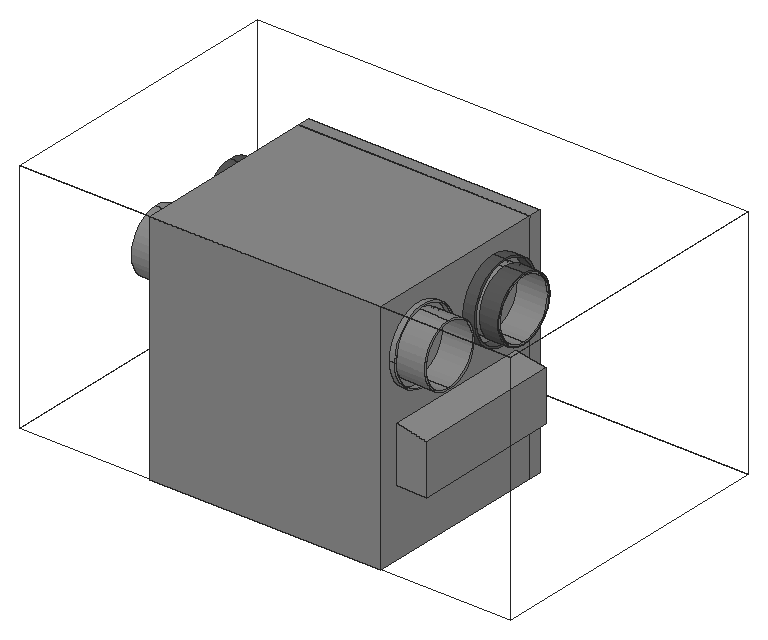
Revit family "Broan®_AI_Series™-Heat_Recovery_Ventilator_(HRV)-Side_Port", category Mechanical Equipment, Revit 2019
Family settings
  Round Connector Dimension = Use Diameter
  Classification = None
  Part Type = Normal
  Work Plane-Based = Yes
  Always vertical = No
  Cut with Voids When Loaded = No
  Shared = No
  Room Calculation Point = No
Parameters (values of type "Broan®_AI_Series™-110_CFM-Heat_Recovery_Ventilator_(HRV)-Side_Port-65%_eff")
  c Vent Height = (Width - c Width) / 2  # 2.515"
  c Top Clearance = 0.00"  # constant formula
  c Right Clrearence = c Left Clearance  # 8.00"
  c Offset vent side = (Length - 1.00") / 4  # 3.785"
  c MC width = Length - 4.00"  # 12.14"
  c Left Clearance = if(c Constraints > 3, 9.00", 8.00")  # 8.00"
  c Gen Diameter = if(c Constraints > 3, 6.00", 5.00")  # 5.00"
  c Front Clearance = 8.00"  # constant formula
  c Constraints = 1
  c Back Clearance = 0.00"  # constant formula
  Width = 23.78"  # constant formula
  Voltage = 120 V
  Version = ""
  URL = "https://www.broan-nutone.com/"
  Support Phone = "(224) 699-9545"  # constant formula
  Support Email = "mailto:support@anguleris.com"
  Supply Air Connection Diameter = c Gen Diameter  # 5"
  Return Air Connection Diameter = c Gen Diameter  # 5"
  Requirements and Standards = "UL 1812\r\nCSA F326\r\nCSA C439\r\nProp 65"
  Product Page URL = "https://www.broan-nutone.com/en-us/product/freshairsystems/b110h65rs"
  Product Name = "Broan® AI Series™ 110 CFM Heat Recovery Ventilator (HRV)"
  Product Documentation Link = "https://www.broan-nutone.com/getmedia/1c04f086-0de4-4a5a-b63e-71b407a4ad9e/Spec-Sheet-B110H65.pdf?ext=.pdf"
  Power Factor = 0
  Phase = 1
  Operating Weight = 35.00 lbf  # constant formula
  Number of Poles = 1
  Noise = 66.8
  Model = "B110H65RS"
  Manufacturer Phone Number = "800-558-1711"  # constant formula
  Manufacturer Contact Information = "mailto:info@broan-nutone.com"
  Manufacturer Address = "\"926 W State St, Hartford, WI 53027\""
  Manufacturer = "Broan"  # constant formula
  Length = 16.14"  # constant formula
  Height = 19.12"  # constant formula
  Frequency = 60 Hz
  Fan Wattage = 90 W
  Exhaust Air Connection Diameter = c Gen Diameter  # 5"
  Default Elevation = 0.00"
  Copyright = "\"Copyright © 2021 Broan-NuTone, LLC. All Rights Reserved\""
  c Width = 18.75"
  Clearance [instance] = yes
  Air Volume = if(c Constraints = 1, 110 CFM, (if(c Constraints = 2, 130 CFM, (if(c Constraints = 3, 150 CFM, (if(c Constraints = 4, 160 CFM, 160 CFM)))))))  # 110 CFM
Types (5): name | c Right Clrearence | c Left Clearance | c Gen Diameter | c Constraints | Supply Air Connection Diameter | Return Air Connection Diameter | Requirements and Standards | Product Page URL | Product Name | Product Documentation Link | Noise | Model | Fan Wattage | Exhaust Air Connection Diameter | Air Volume
  Broan®_AI_Series™-130_CFM-Heat_Recovery_Ventilator_(HRV)-Side_Port-65%_eff | 8.00" | 8.00" | 5.00" | 2 | 5" | 5" | "UL 1812\r\nCSA F326\r\nCSA C439\r\nProp 65" | "https://www.broan-nutone.com/en-us/product/freshairsystems/b130h65rs" | "Broan® AI Series™ 130 CFM Heat Recovery Ventilator (HRV)" | "https://www.broan-nutone.com/getmedia/75f200b4-70e0-48f7-8651-3ee9bc02cae4/Spec-Sheet-B130H65.pdf?ext=.pdf" | 70 | "B130H65RS" | 110 W | 5" | 130 CFM
  Broan®_AI_Series™-110_CFM-Heat_Recovery_Ventilator_(HRV)-Side_Port-65%_eff | 8.00" | 8.00" | 5.00" | 1 | 5" | 5" | "UL 1812\r\nCSA F326\r\nCSA C439\r\nProp 65" | "https://www.broan-nutone.com/en-us/product/freshairsystems/b110h65rs" | "Broan® AI Series™ 110 CFM Heat Recovery Ventilator (HRV)" | "https://www.broan-nutone.com/getmedia/1c04f086-0de4-4a5a-b63e-71b407a4ad9e/Spec-Sheet-B110H65.pdf?ext=.pdf" | 66.8 | "B110H65RS" | 90 W | 5" | 110 CFM
  Broan®_AI_Series™-150_CFM-Heat_Recovery_Ventilator_(HRV)-Side_Port-75%_eff | 8.00" | 8.00" | 5.00" | 3 | 5" | 5" | "UL 1812\r\nCSA F326\r\nCSA C439\r\nProp 65\r\nENERGY STAR®" | "https://www.broan-nutone.com/en-us/product/freshairsystems/b150h75ns" | "Broan® AI Series™ 150 CFM Heat Recovery Ventilator (HRV)" | "https://www.broan-nutone.com/getmedia/926fa279-8324-464b-911a-513a9769f9b1/Spec-Sheet-B150H75.pdf?ext=.pdf" | 73.2 | "B150H75NS" | 163 W | 5" | 150 CFM
  Broan®_AI_Series™-160_CFM-Heat_Recovery_Ventilator_(HRV)-Side_Port-65%_eff | 9.00" | 9.00" | 6.00" | 4 | 6" | 6" | "UL 1812\r\nCSA F326\r\nCSA C439\r\nProp 65\r\nENERGY STAR®" | "https://www.broan-nutone.com/en-us/product/freshairsystems/b160h65rs" | "Broan® AI Series™ 160 CFM Heat Recovery Ventilator (HRV)" | "https://www.broan-nutone.com/getmedia/3ec22979-19c4-4f1e-94fd-1388d9e66583/Spec-Sheet-B160H65.pdf?ext=.pdf" | 73.2 | "B160H65RS" | 163 W | 6" | 160 CFM
  Broan®_AI_Series™-160_CFM-Heat_Recovery_Ventilator_(HRV)-Side_Port-75%_eff | 9.00" | 9.00" | 6.00" | 5 | 6" | 6" | "UL 1812\r\nCSA F326\r\nCSA C439\r\nProp 65\r\nENERGY STAR®" | "https://www.broan-nutone.com/en-us/product/freshairsystems/b160h75rs" | "Broan® AI Series™ 160 CFM Heat Recovery Ventilator (HRV)" | "https://www.broan-nutone.com/getmedia/63e03665-c448-44af-a792-4e4f5dea1e41/Spec-Sheet-B160H75.pdf?ext=.pdf" | 73.2 | "B160H75RS" | 163 W | 6" | 160 CFM
Reference planes (in)
  plane 1 "Center (Front/Back)": y = 0
  plane 2: z = 0
  plane 3 "Center (Left/Right)": x = 0
  plane 4: y = 8.57
  plane 5: x = 11.89
  plane 6: y = -7.57
  plane 7: x = -11.89
  plane 8: z = 19.12
  plane 9: y = 7.57
  plane 10: x = 9.375
  plane 11: x = -9.375
  plane 12: y = 16.57
  plane 13: x = 19.89
  plane 14: y = -7.57
  plane 15: x = -19.89
  plane 16: z = 14.87
  plane 17: y = 3.785
  plane 18: y = -3.785
  plane 19: z = 5.5
  plane 20: z = 19.12
Forms (in)
  Extrusion 1, solid, material "Metal - Broan NuTone - Gray"
    sketch origin (0, 0, 0) x (1, 0, 0) y (0, 1, 0)
      loop
        line (9.375, 7.57) -> (-9.375, 7.57) -> (-9.375, -7.57) -> (9.375, -7.57) -> (9.375, 7.57)
    from 0 to 19.12
  Extrusion 2, solid, material "Clearances - Broan NuTone", visible <- "Clearance"
    sketch origin (0, 0, 0) x (1, 0, 0) y (0, 1, 0)
      loop
        line (-19.89, 16.57) -> (-19.89, -7.57) -> (19.89, -7.57) -> (19.89, 16.57) -> (-19.89, 16.57)
    from 0 to 19.12
  Extrusion 3, solid, material "Metal - Broan NuTone - Gray"
    sketch origin (0, 0, 0) x (1, 0, 0) y (0, 1, 0)
      loop
        line (-9.375, 8.57) -> (-9.375, 7.57) -> (9.375, 7.57) -> (9.375, 8.57) -> (-9.375, 8.57)
    from 0 to 19.12
Dimensions and locks (in)
  equal spacing: plane 7, plane 3 "Center (Left/Right)", plane 5
  "Height": plane 8 to level
  "Width": plane 7 to plane 5
  "Length": plane 6 to plane 4
  plane 4 to plane 9 = 1.00"
  "c Right Clrearence": plane 5 to plane 13
  "c Left Clearance": plane 15 to plane 7
  "c Front Clearance": plane 12 to plane 4
  "c Back Clearance": plane 14 to plane 6
  plane 15 to plane 7 = 8.00"
  plane 5 to plane 13 = 8.00"
  plane 12 to plane 4 = 8.00"
  equal spacing: plane 11, plane 3 "Center (Left/Right)", plane 10
  "c Width": plane 11 to plane 10
  plane 16 to level = 14.87"
  equal spacing: plane 9, plane 17, plane 1 "Center (Front/Back)"
  equal spacing: plane 1 "Center (Front/Back)", plane 18, plane 6
  locked: plane 16 to plane 8 at 4.25
  equal spacing: plane 6, plane 18, plane 1 "Center (Front/Back)"
  "c Offset vent side": plane 1 "Center (Front/Back)" to plane 17
  plane 19 to level = 5.50"
  "c Top Clearance": plane 20 to plane 8
  aligned and locked: plane 2 to level
  aligned and locked: Extrusion 1 sketch curve to plane 11
  aligned and locked: plane 9 to Extrusion 1 sketch curve
  aligned and locked: plane 10 to Extrusion 1 sketch curve
  aligned and locked: plane 6 to Extrusion 1 sketch curve
  aligned and locked: plane 8 to Extrusion 1
  aligned and locked: plane 17 to nested 2
  aligned and locked: nested 1 to plane 18
  aligned and locked: plane 18 to nested 3
  aligned and locked: nested 4 to plane 17
  aligned and locked: nested 4 to plane 16
  aligned and locked: nested 2 to plane 16
  aligned and locked: nested 1 to plane 16
  aligned and locked: nested 3 to plane 16
  aligned and locked: nested 5 to plane 10
  aligned and locked: nested 5 to plane 19
  aligned and locked: plane 1 "Center (Front/Back)" to nested 5
  aligned and locked: Extrusion 2 sketch curve to plane 13
  aligned and locked: plane 14 to Extrusion 2 sketch curve
  aligned and locked: plane 15 to Extrusion 2 sketch curve
  aligned and locked: Extrusion 2 sketch curve to plane 12
  aligned and locked: plane 20 to Extrusion 2
  aligned and locked: Extrusion 3 sketch curve to plane 4
  aligned and locked: plane 9 to Extrusion 3 sketch curve
  aligned and locked: Extrusion 3 sketch curve to plane 10
  aligned and locked: plane 11 to Extrusion 3 sketch curve
  aligned and locked: plane 8 to Extrusion 3
  aligned and locked: Extrusion 3 to level
Nested families (in)
  nested 1: "Vent" at (9.375, -3.785, 14.87) x (0, 1, 0) z (1, 0, 0), type "Vent"
    with S Border yes, Border visibility no
  nested 2: "Vent" at (9.375, 3.785, 14.87) x (0, 1, 0) z (1, 0, 0), type "Vent"
    with S Border no, Border visibility yes
  nested 3: "Vent" at (-9.375, -3.785, 14.87) x (0, -1, 0) z (-1, 0, 0), type "Vent"
    with S Border yes, Border visibility no
  nested 4: "Vent" at (-9.375, 3.785, 14.87) x (0, -1, 0) z (-1, 0, 0), type "Vent"
    with S Border no, Border visibility yes
  nested 5: "MC" at (9.375, 6.07, 5.5) x (0, -1, 0) z (0, 0, 1), Width <- "c MC width", type "MC"
    with Width 12.14", Offset 0.4527"
Connectors (in)
  hvac at (11.89, 3.785, 14.87), driven by "c Gen Diameter", driven by "Air Volume"
    settings: on nested 2, index 1, duct flow 110 CFM, flow factor 0, pres drop 0.00 in-wg, loss coef 0, conn angle 0.00°, conn width 12", conn height 12", conn diameter 5", duct sys type 2, conn prof type 0, flow config 0, flow direction 0, loss method 0, conn ref index -1, conn util no, is conn primary yes, conn desc "Fresh air from outside"
  hvac at (11.89, -3.785, 14.87), driven by "c Gen Diameter", driven by "Air Volume"
    settings: on nested 1, index 2, duct flow 110 CFM, flow factor 0, pres drop 0.00 in-wg, loss coef 0, conn angle 0.00°, conn width 12", conn height 12", conn diameter 5", duct sys type 3, conn prof type 0, flow config 0, flow direction 0, loss method 0, conn ref index -1, conn util no, is conn primary no, conn desc "Exhaust air from building"
  hvac at (-11.89, -3.785, 14.87), driven by "c Gen Diameter", driven by "Air Volume"
    settings: on nested 3, index 3, duct flow 110 CFM, flow factor 0, pres drop 0.00 in-wg, loss coef 0, conn angle 0.00°, conn width 12", conn height 12", conn diameter 5", duct sys type 1, conn prof type 0, flow config 0, flow direction 0, loss method 0, conn ref index -1, conn util no, is conn primary no, conn desc "Fresh air to building"
  hvac at (-11.89, 3.785, 14.87), driven by "c Gen Diameter", driven by "Air Volume"
    settings: on nested 4, index 4, duct flow 110 CFM, flow factor 0, pres drop 0.00 in-wg, loss coef 0, conn angle 0.00°, conn width 12", conn height 12", conn diameter 5", duct sys type 3, conn prof type 0, flow config 0, flow direction 0, loss method 0, conn ref index -1, conn util no, is conn primary no, conn desc "Exhaust air to outside"
  electrical at (10.6325, 6.07, 7.65032), driven by "Voltage", driven by "Power Factor"
    settings: on nested 5, index 5, voltage 120 V, apparent load 0 VA, apparent load phase1 0 VA, apparent load phase2 0 VA, apparent load phase3 0 VA, power factor 0, load classification "Power", number of poles 1, system type 31, power factor state 1, is connector primary yes, connector utility no, sub classification motor no, connector description ""
Definition of nested family "Vent"
  Parameters (values of type "Vent")
    Width = 0.10"
    Vent Material = none
    Upper border width = 0.10"
    Upper Border Height = 1.5 * Border Height  # 1.509"
    S Border [instance] = no
    Radius = Diameter / 2  # 2.50"
    Height = 2.515"
    Diameter = 5.00"
    Default Elevation = 48.00"
    Border visibility [instance] = not(S Border)  # yes
    Border Width = Width  # 0.10"
    Border Material = none
    Border Height = Height / 2.5  # 1.006"
    Border = Diameter / 8  # 0.625"
  Reference planes (in)
    plane 1 "Center (Front/Back)": y = 0
    plane 2: z = 0
    plane 3 "Center (Left/Right)": x = 0
    plane 4: y = 3.125
    plane 5: y = 2.5
    plane 6: z = 2.515
    plane 7: z = 1.006
    plane 8: y = 2.4
    plane 9: z = 1.006
    plane 10: x = -2.5
    plane 11: x = 2.5
  Forms (in)
    Revolve 1, solid, material <- "Vent Material", detail levels coarse
      sketch origin (0, 0, 0) x (0, 1, 0) y (0, 0, 1)
        loop
          line (0, 2.515) -> (0, 0) -> (2.5, 0) -> (2.5, 2.515) -> (0, 2.515)
        axis (0, 2.515) -> (0, 0)
      angle from 0 to 360
    Revolve 2, solid, material <- "Vent Material", detail levels medium+fine
      sketch origin (0, 0, 0) x (0, 1, 0) y (0, 0, 1)
        loop
          line (2.4, 2.515) -> (2.4, 0) -> (2.5, 0) -> (2.5, 2.515) -> (2.4, 2.515)
        axis (0, 2.515) -> (0, 0)
      angle from 0 to 360
    Revolve 3, solid, material <- "Border Material", visible <- "Border visibility", detail levels medium+fine
      sketch origin (0, 0, 0) x (0, 1, 0) y (0, 0, 1)
        loop
          line (3.125, 1.006) -> (3.025, 1.006) -> (3.025, 0) -> (3.125, 0) -> (3.125, 1.006)
        axis (0, 1.006) -> (0, 0)
      angle from 0 to 360
    Revolve 4, solid, material <- "Border Material", visible <- "Border visibility", detail levels medium+fine
      sketch origin (0, 0, 0) x (0, 1, 0) y (0, 0, 1)
        loop
          line (2.5, 2.515) -> (2.5, 1.006) -> (2.6, 1.006) -> (2.6, 2.515) -> (2.5, 2.515)
        axis (0, 2.515) -> (0, 1.006)
      angle from 0 to 360
    Revolve 5, solid, material <- "Vent Material", visible <- "S Border", detail levels medium+fine
      sketch origin (0, 0, 0) x (1, 0, 0) y (0, 0, 1)
        loop
          line (-2.9, 0) -> (-2.9, 0.5) -> (-3.00488, 0.5) -> (-3.00488, 0) -> (-2.9, 0)
        axis (0, 0.5) -> (0, 0)
      angle from 0 to 360
  Dimensions and locks (in)
    "Radius": plane 5 to plane 1 "Center (Front/Back)"
    "Border": plane 4 to plane 5
    "Border Height": plane 7 to level
    "Height": plane 6 to level
    "Width": plane 5 to plane 8
    "Border Width": plane 4 to Revolve 3 sketch curve
    "Upper border width": Revolve 4 sketch curve to Revolve 4 sketch curve
    "Upper Border Height": plane 6 to plane 9
    equal spacing: plane 11, plane 3 "Center (Left/Right)", plane 10
    "Diameter": plane 11 to plane 10
    plane 10 to Revolve 5 sketch curve to Revolve 5 sketch curve = 0.40", 0.10488" locked
    locked: Revolve 5 sketch curve to level at 0.5
    aligned and locked: plane 2 to level
    aligned and locked: Revolve 1 sketch curve to Revolve 1 sketch curve
    aligned and locked: plane 6 to Revolve 1 sketch curve
    aligned and locked: Revolve 1 sketch curve to plane 5
    aligned and locked: Revolve 2 sketch curve to plane 6
    aligned and locked: level to Revolve 2 sketch curve
    aligned and locked: Revolve 2 sketch curve to plane 8
    aligned and locked: plane 5 to Revolve 2 sketch curve
    aligned and locked: Revolve 3 sketch curve to plane 4
    aligned and locked: plane 7 to Revolve 3 sketch curve
    aligned and locked: Revolve 3 sketch curve to level
    aligned and locked: Revolve 4 sketch curve to plane 5
    aligned and locked: Revolve 4 sketch curve to plane 9
  Automatic sketch dimensions
    Revolve 1 sketch curve to plane 1 "Center (Front/Back)" = 0.00"
    Revolve 1 sketch curve to level = 0.00"
    Revolve 1 sketch curve to level = 24.00"
    plane 6 to Revolve 1 sketch curve = 79.96332"
    Revolve 5 sketch curve to level = 0.00"
    Revolve 5 sketch curve to plane 3 "Center (Left/Right)" = 0.00"
    Revolve 5 sketch curve to level = 24.00"
    plane 6 to Revolve 5 sketch curve = 100.20382"
    Revolve 3 sketch curve to plane 1 "Center (Front/Back)" = 0.00"
    Revolve 3 sketch curve to level = 24.00"
    plane 6 to Revolve 3 sketch curve = 79.96332"
    Revolve 4 sketch curve to plane 1 "Center (Front/Back)" = 0.00"
    Revolve 4 sketch curve to plane 6 = 0.00"
    Revolve 4 sketch curve to level = 24.00"
    plane 6 to Revolve 4 sketch curve = 79.96332"
Definition of nested family "MC"
  Parameters (values of type "MC")
    Width [instance] = 18.51858"
    Screen = none
    Offset [instance] = Height / 10  # 0.4527"
    Material = none
    Height = 1.8 * Depth  # 4.527"
    Depth = 2.515"
    Connector = none
  Reference planes (in)
    plane 1 "Center (Front/Back)": y = 0
    plane 2: z = 0
    plane 3 "Center (Left/Right)": x = 0
    plane 4: y = 2.515
    plane 5: x = 18.51858
    plane 6: z = 4.527
    plane 7: z = 4.0743
    plane 8: x = 9.25929
  Forms (in)
    Extrusion 1, solid, material <- "Material"
      sketch origin (0, 0, 0) x (0, 1, 0) y (0, 0, 1)
        loop
          line (0, 0) -> (2.515, 0) -> (2.515, 4.0743) -> (0, 4.527) -> (0, 0)
      from 0 to 18.51858
    Extrusion 2, solid, material <- "Screen", detail levels medium+fine
      sketch origin (0, 0, 0) x (0, 1, 0) y (0, 0, 1)
        loop
          line (0.6, 3.43791) -> (0.6, 1.93791) -> (1.915, 1.93791) -> (1.915, 3.43791) -> (0.6, 3.43791)
      from -0.01 to 0
    Extrusion 3, solid, material <- "Connector", detail levels medium+fine
      sketch origin (0, 0, -1) x (0, 1, 0) y (0, 0, 1)
        loop
          line (0.725, 2.08758) -> (0.725, 2.30151)
          arc (0.725, 2.30151) -> (0.6, 2.42651) -> (0.475, 2.30151) r 0.125
          line (0.475, 2.30151) -> (0.475, 2.08758)
          arc (0.475, 2.08758) -> (0.6, 1.96258) -> (0.725, 2.08758) r 0.125
        loop
          arc (1.79, 2.19695) -> (1.915, 2.07195) -> (2.04, 2.19695) r 0.125
          line (2.04, 2.19695) -> (2.04, 2.30151)
          arc (2.04, 2.30151) -> (1.915, 2.42651) -> (1.79, 2.30151) r 0.125
          line (1.79, 2.30151) -> (1.79, 2.19695)
      from -0.01 to 0
  Dimensions and locks (in)
    "Depth": plane 1 "Center (Front/Back)" to plane 4
    "Width": plane 3 "Center (Left/Right)" to plane 5
    "Height": plane 6 to level
    "Offset": plane 6 to plane 7
    equal spacing: plane 5, plane 8, plane 3 "Center (Left/Right)"
    Extrusion 2 sketch curve to plane 1 "Center (Front/Back)" = 0.60"
    plane 4 to Extrusion 2 sketch curve = 0.60"
    Extrusion 2 sketch curve to Extrusion 2 sketch curve to level = 1.50" locked, 1.93791" locked
    aligned and locked: plane 2 to level
    aligned and locked: Extrusion 1 sketch curve to plane 1 "Center (Front/Back)"
    aligned and locked: Extrusion 1 sketch curve to plane 4
    aligned and locked: level to Extrusion 1 sketch curve
    aligned and locked: plane 7 to Extrusion 1 sketch curve
    aligned and locked: plane 6 to Extrusion 1 sketch curve
    aligned and locked: plane 5 to Extrusion 1
    aligned and locked: Extrusion 1 to plane 3 "Center (Left/Right)"
    aligned and locked: plane 3 "Center (Left/Right)" to Extrusion 2
  Automatic sketch dimensions
    Extrusion 3 sketch curve to plane 1 "Center (Front/Back)" = 0.475"
    Extrusion 3 sketch curve to Extrusion 3 sketch curve = 0.125"  (x2)
    Extrusion 3 sketch curve to plane 4 = 0.725"
    level to Extrusion 3 sketch curve = 1.08758"
    level to Extrusion 3 sketch curve = 1.19695"
    Extrusion 3 sketch curve to Extrusion 3 sketch curve = 0.10456"
    Extrusion 3 sketch curve to Extrusion 3 sketch curve = 0.21393"
